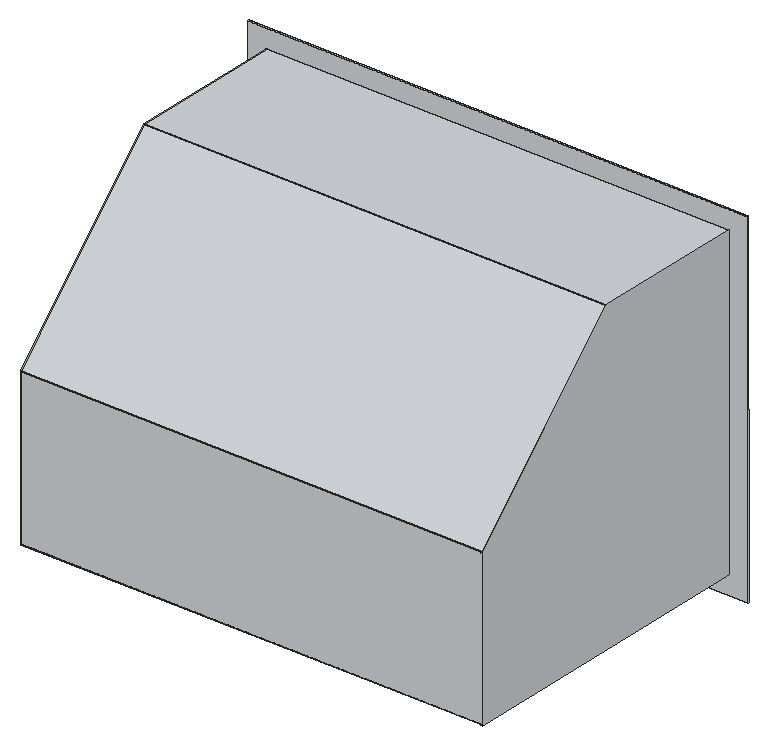
Revit family "WH (90 Degree Deflection)", category Mechanical Equipment, Revit 2015
Parameters
  URL = "https://unitedenertech.com/catalog/pdf/B_16%20WH.pdf"
  Type Comments = "Consult Factory for Max. Section and Assembly Size Limits"
  Q [instance] = F * 0.70711  # 1' - 0"
  P [instance] = E + (F * 0.70711)  # 2' - 0"
  Model = "WH"
  Manufacturer = "United Enertech Corporation"
  F = sqrt((2 * E * E))  # 1' - 4.97056"
  Exact Width = 3' - 0"
  Exact Height = 2' - 0"
  E = Exact Height / 2  # 1' - 0"
  Description = "90 Degree Deflection Wall Hood"
Reference planes (in)
  plane 1 "Center (Front/Back)": y = 0
  plane 2: z = 0
  plane 3 "Center (Left/Right)": x = 0
  plane 4: x = -18
  plane 5: x = 18
  plane 6: x = 18.0478
  plane 7: x = -18.0478
  plane 8: x = -19.5
  plane 9: x = 19.5
  plane 10: y = 0.0478
  plane 11: z = 24
  plane 12: z = 24.0478
  plane 13: z = -0.0478
  plane 14: z = 25.5
  plane 15: z = -1.5
  plane 16: y = -12
  plane 17: y = -24
  plane 18: z = 12
Forms (in)
  Extrusion 1, solid
    sketch origin (0, 0, 0) x (1, 0, 0) y (0, 0, 1)
      loop
        line (-18, 24) -> (-18, 0) -> (18, 0) -> (18, 24) -> (-18, 24)
      loop
        line (-19.5, 25.5) -> (-19.5, -1.5) -> (19.5, -1.5) -> (19.5, 25.5) -> (-19.5, 25.5)
    from -0.0478 to 0
  Extrusion 2, solid
    sketch origin (0, 0, 0) x (0, 1, 0) y (0, 0, 1)
      loop
        line (0, 24.0478) -> (-12, 24.0478) -> (-12, 24) -> (0, 24) -> (0, 24.0478)
    from -18 to 18
  Extrusion 3, solid, material "Steel, S 355"
    sketch origin (0, 0, 0) x (0, 1, 0) y (0, 0, 1)
      loop
        line (0, 0) -> (-24, 0) -> (-24, -0.0478) -> (0, -0.0478) -> (0, 0)
    from -18 to 18
  Extrusion 4, solid
    sketch origin (0, 0, 0) x (0, 1, 0) y (0, 0, 1)
      loop
        line (-12, 24.0478) -> (-24, 12.0478) -> (-23.9662, 12.014) -> (-11.9662, 24.014) -> (-12, 24.0478)
    from -18 to 18
  Extrusion 5, solid
    sketch origin (0, 0, 0) x (0, 1, 0) y (0, 0, 1)
      loop
        line (-24, 12) -> (-24, 0) -> (-23.9522, 0) -> (-23.9522, 12) -> (-24, 12)
    from -18 to 18
  Extrusion 6, solid
    sketch origin (0, 0, 0) x (0, 1, 0) y (0, 0, 1)
      loop
        line (0, 24.0478) -> (-12, 24.0478) -> (-24, 12.0478) -> (-24, -0.0478) -> (0, -0.0478) -> (0, 24.0478)
    from 18 to 18.0478
  Extrusion 7, solid
    sketch origin (0, 0, 0) x (0, 1, 0) y (0, 0, 1)
      loop
        line (0, 24.0478) -> (-12, 24.0478) -> (-24, 12.0478) -> (-24, -0.0478) -> (0, -0.0478) -> (0, 24.0478)
    from -18.0478 to -18
Dimensions and locks (in)
  equal spacing: plane 4, plane 3 "Center (Left/Right)", plane 5
  "Exact Width": plane 4 to plane 5
  locked: plane 7 to plane 4 at 0.0478
  locked: plane 5 to plane 6 at 0.0478
  locked: plane 8 to plane 4 at 1.5
  locked: plane 5 to plane 9 at 1.5
  locked: plane 1 "Center (Front/Back)" to plane 10 at 0.0478
  "Exact Height": plane 11 to level
  locked: plane 12 to plane 11 at 0.0478
  locked: level to plane 13 at 0.0478
  locked: plane 14 to plane 11 at 1.5
  locked: level to plane 15 at 1.5
  "E": plane 1 "Center (Front/Back)" to plane 16
  "F": Extrusion 4 sketch curve to Extrusion 4 sketch curve
  "P": plane 1 "Center (Front/Back)" to plane 17
  "Q": plane 11 to plane 18
  locked: Extrusion 4 sketch curve to plane 12 (angle 45.00°)
  locked: Extrusion 6 sketch curve to plane 12 (angle 45.00°)
  aligned and locked: level to plane 2
  aligned and locked: plane 15 to Extrusion 1 sketch curve
  aligned and locked: Extrusion 1 sketch curve to plane 9
  aligned and locked: Extrusion 1 sketch curve to plane 14
  aligned and locked: Extrusion 1 sketch curve to plane 8
  aligned and locked: plane 4 to Extrusion 1 sketch curve
  aligned and locked: level to Extrusion 1 sketch curve
  aligned and locked: Extrusion 1 sketch curve to plane 5
  aligned and locked: Extrusion 1 sketch curve to plane 11
  aligned and locked: plane 1 "Center (Front/Back)" to Extrusion 1
  aligned and locked: plane 10 to Extrusion 1
  aligned and locked: plane 1 "Center (Front/Back)" to Extrusion 2 sketch curve
  aligned and locked: Extrusion 2 sketch curve to plane 16
  aligned and locked: Extrusion 2 sketch curve to plane 12
  aligned and locked: plane 11 to Extrusion 2 sketch curve
  aligned and locked: plane 5 to Extrusion 2
  aligned and locked: Extrusion 2 to plane 4
  aligned and locked: plane 1 "Center (Front/Back)" to Extrusion 3 sketch curve
  aligned and locked: plane 13 to Extrusion 3 sketch curve
  aligned and locked: Extrusion 3 sketch curve to level
  aligned and locked: Extrusion 3 to plane 5
  aligned and locked: Extrusion 3 to plane 4
  aligned and locked: plane 12 to Extrusion 4 sketch curve
  aligned and locked: Extrusion 4 to plane 5
  aligned and locked: Extrusion 4 to plane 4
  aligned and locked: Extrusion 3 sketch curve to plane 17
  aligned and locked: plane 18 to Extrusion 5 sketch curve
  aligned and locked: plane 17 to Extrusion 5 sketch curve
  aligned and locked: Extrusion 3 to Extrusion 5
  aligned and locked: Extrusion 5 to Extrusion 3
  aligned and locked: plane 1 "Center (Front/Back)" to Extrusion 6 sketch curve
  aligned and locked: Extrusion 6 sketch curve to plane 12
  aligned and locked: plane 13 to Extrusion 6 sketch curve
  aligned and locked: Extrusion 6 sketch curve to plane 17
  aligned and locked: Extrusion 6 to plane 6
  aligned and locked: Extrusion 6 to plane 5
  aligned and locked: Extrusion 7 to plane 7
  aligned and locked: Extrusion 7 to plane 4
Automatic sketch dimensions
  Extrusion 5 sketch curve to level = 0' - 0"
  Extrusion 5 sketch curve to plane 17 = 0' - 0.0478"
  Extrusion 6 sketch curve to plane 16 = 0' - 0"
  Extrusion 7 sketch curve to plane 17 = 0' - 0"
  Extrusion 7 sketch curve to plane 12 = 0' - 0"
  Extrusion 7 sketch curve to plane 16 = 0' - 0"
  Extrusion 7 sketch curve to plane 1 "Center (Front/Back)" = 0' - 0"
  Extrusion 7 sketch curve to plane 13 = 0' - 0"
  plane 18 to Extrusion 7 sketch curve = 0' - 0.0478"
  Extrusion 4 sketch curve to plane 16 = 0' - 0"
  plane 18 to Extrusion 4 sketch curve = 0' - 0.014"
